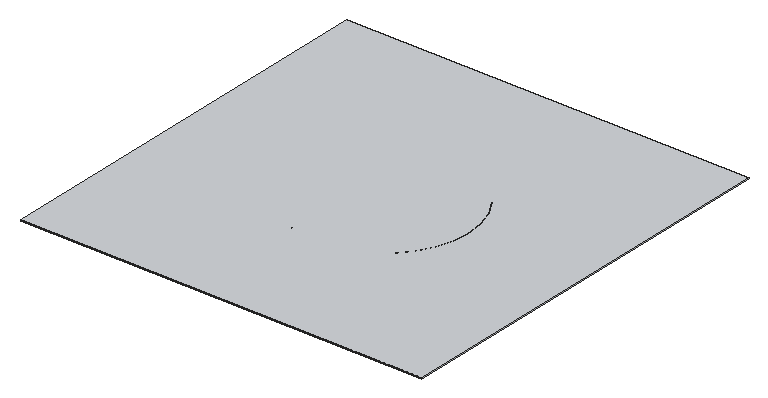
Revit family "PN 210", category Lighting Fixtures, host Face, Revit 2019
Family settings
  Host = Face
  Round Connector Dimension = Use Diameter
  Part Type = Normal
  OmniClass Number = 23.80.70.11
  OmniClass Title = Luminaries for Internal Lighting
  Cut with Voids When Loaded = No
  Light Source = Yes
  Shared = No
  Room Calculation Point = No
Parameters (values of type "PN 210 BLACK")
  Wattage = 12.1178 W
  built-in parameter 1150110 = 1 (stored number, unit not read)
  URL = "https://www.aria.lighting/prodotti/esterni/luci-da-plafone-per-esterni/pn-210-1244862279"
  Type Image = PN210_BLACK.jpg
  Type Comments = "Ceiling outdoor light"
  Tilt Angle = 90.00°
  Photometric Web File = "PN 210.IES"
  Model = "13800"
  Manufacturer = "ARIA"
  Larghezza = 210 mm
  Lamp = "LED 1800lm 12W 3000K CRI85"
  built-in parameter 1114217 = 1 (stored number, unit not read)
  built-in parameter 1150109 = 1 (stored number, unit not read)
  Wattage Comments = "12"
  built-in parameter 1150134 = (empty or 0)
  built-in parameter 1150113 = 1 (stored number, unit not read)
  Lumens = 1800 lm
  built-in parameter 1150115 = 1 (stored number, unit not read)
  built-in parameter 1150105 = 650.3 (stored number, unit not read)
  built-in parameter 1150137 = (empty or 0)
  built-in parameter 1150139 = (empty or 0)
  built-in parameter 1150112 = 1 (stored number, unit not read)
  built-in parameter 1150114 = 1 (stored number, unit not read)
  built-in parameter 1150132 = 2
  built-in parameter 1150102 = (empty or 0)
  built-in parameter 1150138 = (empty or 0)
  built-in parameter 1150107 = 3000 (stored number, unit not read)
  built-in parameter 1150106 = 6.503 (stored number, unit not read)
  Glass material = White Traslucido
  built-in parameter 1150104 = 13.8 (stored number, unit not read)
  Effective Intensity (lm) = 1538
  Dimming Lamp Color Temperature Shift = <None>
  Description = "Le plafoniere per esterni PN 210 sono state studiate appositamente per ospitare sorgenti LED COB di ultima generazione, in grado di garantire un'elevata qualità della luce, oltre ad un considerevole risparmio energetico. Applicabile a parete o a plafone, è ideale per risolvere molteplici esigenze di illuminazione anche in ambienti interni come atri, balconi, portici, aree residenziali e spazi a verde in generale.\r\nIl design ha privilegiato forme geometriche essenziali ed uno spessore estremamente ridotto. Lo schermo frontale, elemento estetico oltre che protettivo, è in termoplastico trasparente, UV protetto, senza viti a vista. Alto grado di protezione IP65."
  Default Elevation [instance] = 0 mm
  Color Filter = 16777215
  Codice = "138001"
  CRI L'indice di Resa Cromatica = "85"
  Body material = Black Powder Coated Aluminium
  Beam angle (°) = "120°"
  built-in parameter 1114218 = 1 (stored number, unit not read)
  built-in parameter 1150133 = 10 (stored number, unit not read)
Types (3, lengths in mm): name | Type Image | Codice | Body material
  PN 210 WHITE | PN210_WHITE.jpg | "138004" | White Powder Coated Aluminium
  PN 210 BLACK | PN210_BLACK.jpg | "138001" | Black Powder Coated Aluminium
  PN 210 METAL | PN210_METAL.jpg | "138003" | Aluminum
Reference planes
  plane 1 "Light Source Axis (F/B)": y = 0
  plane 2: z = -100
  plane 3 "Light Source Axis (L/R)": x = 0
  plane 4 "Ceiling": z = 0
  plane 5 "Light Source Elevation": z = -29.972
  plane 6: x = -105
  plane 7: x = 105
  plane 8: z = 0
Forms (mm)
  Extrusion 1, solid
    sketch origin (0, 0, 0) x (1, 0, 0) y (0, 1, 0)
      loop
        line (-240, -241.709) -> (239.296, -241.709) -> (239.296, 244.908) -> (-240, 244.908) -> (-240, -241.709)
    from 0 to 0.778
  Revolve 2, solid, material "Black Powder Coated Aluminium" <- "Body material"
    sketch origin (0, 0, 0) x (1, 0, 0) y (0, 0, 1)
      loop
        line (-101.037, 0) -> (-101.037, -3.87) -> (-103.547, -3.87) -> (-104.907, -29.972) -> (-98.713, -29.972) -> (-98.713, -3.426) -> (0, -3.426) -> (0, 0) -> (-101.037, 0)
      axis (0, 0) -> (0, -29.972)
    angle from 0 to 360
  Revolve 3, solid, material "Aluminum(1)"
    sketch origin (0, 0, 0) x (1, 0, 0) y (0, 0, 1)
      loop
        line (-37.607, -29.973) -> (0, -4.607) -> (0, -3.593) -> (-37.607, -28.96) -> (-37.607, -29.973)
      axis (0, -3.593) -> (0, -29.973)
    angle from 0 to 360
  Revolve 4, solid, material "White Powder Coated Aluminium"
    sketch origin (0, 0, 0) x (1, 0, 0) y (0, 0, 1)
      loop
        line (-98.702, -29.055) -> (-98.702, -29.973) -> (-37.607, -29.973) -> (-37.607, -29.055) -> (-98.702, -29.055)
      axis (0, -29.055) -> (0, -30.055)
    angle from 0 to 360
Dimensions and locks
  plane 4 "Ceiling" to Extrusion 1 = 0 mm
  equal spacing: plane 7, plane 3 "Light Source Axis (L/R)", plane 6
  "Larghezza": plane 7 to plane 6
  aligned and locked: plane 3 "Light Source Axis (L/R)" to imposter light
  aligned and locked: plane 1 "Light Source Axis (F/B)" to imposter light
  aligned and locked: plane 5 "Light Source Elevation" to imposter light
Automatic sketch dimensions
  Extrusion 1 sketch curve to Extrusion 1 sketch curve = 479.296 mm
  Extrusion 1 sketch curve to Extrusion 1 sketch curve = 486.617 mm
  Revolve 4 sketch curve to plane 3 "Light Source Axis (L/R)" = 0 mm
  plane 6 to Revolve 4 sketch curve = 6.298 mm
  plane 5 "Light Source Elevation" to Revolve 4 sketch curve = 32.5 mm
  Revolve 4 sketch curve to plane 5 "Light Source Elevation" = 0.917 mm
  Revolve 4 sketch curve to plane 4 "Ceiling" = 15 mm
  plane 5 "Light Source Elevation" to Revolve 4 sketch curve = 0.001 mm
  Revolve 4 sketch curve to plane 3 "Light Source Axis (L/R)" = 37.607 mm
  Revolve 3 sketch curve to plane 3 "Light Source Axis (L/R)" = 0 mm  (x2)
  Revolve 3 sketch curve to plane 5 "Light Source Elevation" = 1.012 mm
  Revolve 3 sketch curve to plane 3 "Light Source Axis (L/R)" = 37.607 mm
  plane 5 "Light Source Elevation" to Revolve 3 sketch curve = 0.001 mm
  plane 5 "Light Source Elevation" to Revolve 3 sketch curve = 32.5 mm
  plane 4 "Ceiling" to Revolve 3 sketch curve = 4.607 mm
  Revolve 3 sketch curve to Revolve 3 sketch curve = 1.014 mm
  Revolve 3 sketch curve to plane 4 "Ceiling" = 15 mm
  Revolve 2 sketch curve to plane 5 "Light Source Elevation" = 0 mm
  Revolve 2 sketch curve to plane 4 "Ceiling" = 0 mm
  Revolve 2 sketch curve to plane 3 "Light Source Axis (L/R)" = 0 mm  (x2)
  plane 6 to Revolve 2 sketch curve = 6.287 mm
  Revolve 2 sketch curve to Revolve 2 sketch curve = 2.324 mm
  plane 6 to Revolve 2 sketch curve = 1.453 mm
  plane 6 to Revolve 2 sketch curve = 0.093 mm
  plane 4 "Ceiling" to Revolve 2 sketch curve = 3.87 mm
  Revolve 2 sketch curve to Revolve 2 sketch curve = 0.444 mm
  plane 5 "Light Source Elevation" to Revolve 2 sketch curve = 28.613 mm
  Revolve 2 sketch curve to Revolve 2 sketch curve = 11.22 mm
